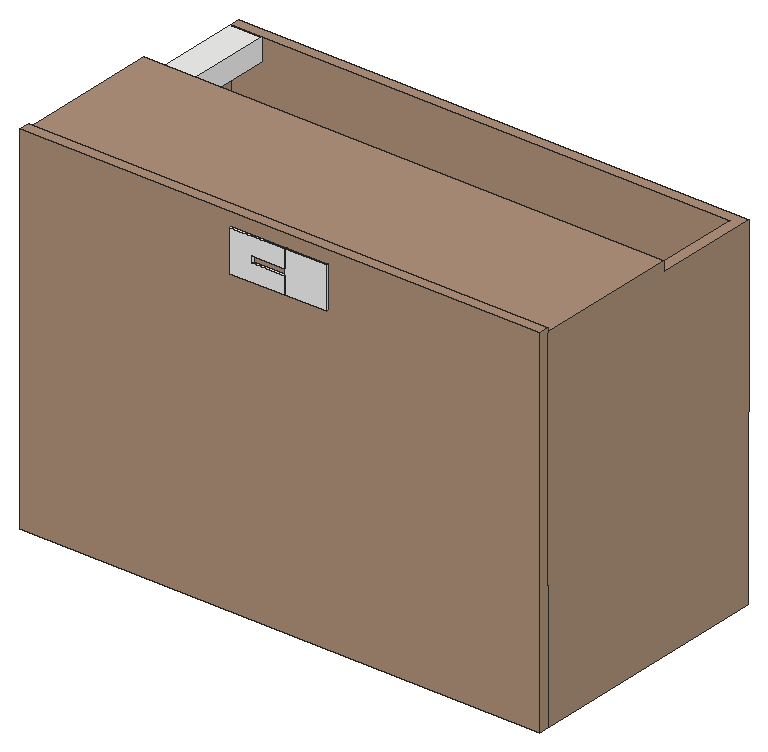
Revit family "Storage-Multi_Level_Workstations-Teknion-BSSM_Multi-Functional-R2018", category Furniture, Revit 2018
Family settings
  OmniClass Number = 23.40.20.00
  OmniClass Title = General Furniture and Specialties
  Work Plane-Based = No
  Always vertical = Yes
  Cut with Voids When Loaded = No
  Shared = Yes
  Room Calculation Point = No
Parameters (values of type "Center Position, High Secondary Desk")
  Width [instance] = 36.000"
  Warranty = "http://www.teknion.com/ca/papers/legal-canada"
  Unit Weight URL = "http://www.teknion.com/ca/tools/assets#&asset=bee6a381-b954-425e-8283-5a2de3a804f2,f828d448-4b62-4231-9e5f-9a8991c0ed77"
  URL = "www.teknion.com"
  Sustainability Data = "http://www.teknion.com/ca/tools/assets#&topic=216f99a5-57a0-44fc-b10a-9dee9b29ae4c&asset=444deb64-fe58-4b68-981e-f75e97781df7"
  Side Door and Case Finish [instance] = Source Laminate - Teknion - 3M - Provincial Oak (Cross Grain)
  Series = "Expansion Casegoods"  # constant formula
  Secondary Desk Depth [instance] = 20.000"
  Product Page URL = "http://www.teknion.com/ca/products/product-details?productlineid=0053336e-8e7a-673b-a6c8-ff00004460c4"
  Product Line = "Expansion Casegoods"  # constant formula
  Product Documentation Link = "http://www.teknion.com/pricing/expansion-casegoods/pdfs/BSSM_ppg.pdf"
  Part Number = "BSSM"  # constant formula
  Opening Depth Offset [instance] = if(and(Secondary Desk Depth = 20.000", In Front of Height Adjustable Mechanism), 1.157", if(and(Secondary Desk Depth = 24.000", In Front of Height Adjustable Mechanism), 5.157", 7.323"))  # 7.323"
  End of 1 inch thick Secondary Desk = no
  End of 1 9/16 inch thick Secondary Desk = no
  End of 1 3/16 inch thick Secondary Desk = no
  Center = yes
  Available Widths [instance] = "24, 30, or 36 inches."  # constant formula
  Model = "BSSMCNH_____"
  Manufacturer Phone = "416-661-3370"  # constant formula
  Manufacturer Fax = "416.661.4586"  # constant formula
  Manufacturer Contact Information = "http://www.teknion.com/ca/contactus"
  Manufacturer Address = "1150 Flint Road, Toronto, ON. M3J 2J5. Canada"  # constant formula
  Manufacturer = "Teknion"  # constant formula
  In Front of Height Adjustable Mechanism = no
  Grommet Finish [instance] = Paint - Teknion - Mica - Very White
  Front Finish [instance] = Source Laminate - Teknion - 3M - Provincial Oak
  Description = "Multi-Functional Storage for Secondary Desk, Center Position, High Secondary Desk"
  Available Secondary Desk Depths [instance] = "20 or 24 inches."  # constant formula
  Assembly Code = "E2020200"
  Actual Width [instance] = if(and(Width = 24.000", Center), 23.880", if(and(Width = 30.000", Center), 29.850", if(and(Width = 36.000", Center), 35.820", if(and(Width = 24.000", or(End of 1 inch thick Secondary Desk, [End of 1 3/16 inch thick Secondary Desk])), 22.745", if(and(Width = 30.000", or(End of 1 inch thick Secondary Desk, [End of 1 3/16 inch thick Secondary Desk])), 28.715", if(and(Width = 36.000", or(End of 1 inch thick Secondary Desk, [End of 1 3/16 inch thick Secondary Desk])), 34.685", if(and(Width = 24.000", [End of 1 9/16 inch thick Secondary Desk]), 22.206", if(and(Width = 30.000", [End of 1 9/16 inch thick Secondary Desk]), 28.176", 34.146"))))))))  # 35.820"
  Actual Depth [instance] = if(and(Secondary Desk Depth = 20.000", In Front of Height Adjustable Mechanism), 11.835", if(and(Secondary Desk Depth = 24.000", In Front of Height Adjustable Mechanism), 15.835", 18.000"))  # 18.000"
Types (9): name | Opening Depth Offset | End of 1 inch thick Secondary Desk | End of 1 9/16 inch thick Secondary Desk | End of 1 3/16 inch thick Secondary Desk | Center | Model | In Front of Height Adjustable Mechanism | Description | Actual Width | Actual Depth
  (no name) | 7.323" | no | no | no | yes | "BSSMCNH_____" | no | "Multi-Functional Storage for Secondary Desk, Center Position, High Secondary Desk" | 35.820" | 18.000"
  Center Position, In Front of Height Adjustable Mechanism, High Secondary Desk | 1.157" | no | no | no | yes | "BSSMCYH_____" | yes | "Multi-Functional Storage for Secondary Desk, Center Position, In Front of Height Adjustable Mechanism, High Secondary Desk" | 35.820" | 11.835"
  End – 1" thick Secondary Desk, In Front of Height Adjustable Mechanism, High Secondary Desk | 1.157" | yes | no | no | no | "BSSMDYH_____" | yes | "Multi-Functional Storage for Secondary Desk, End – 1\" thick Secondary Desk, In Front of Height Adjustable Mechanism, High Secondary Desk" | 34.685" | 11.835"
  End – 1 3/16" thick Secondary Desk, In Front of Height Adjustable Mechanism, High Secondary Desk | 1.157" | no | no | yes | no | "BSSMMYH_____" | yes | "Multi-Functional Storage for Secondary Desk, End – 1 3/16\" thick Secondary Desk, In Front of Height Adjustable Mechanism, High Secondary Desk" | 34.685" | 11.835"
  End – 1 9/16" thick Secondary Desk, In Front of Height Adjustable Mechanism, High Secondary Desk | 1.157" | no | yes | no | no | "BSSMXYH_____" | yes | "Multi-Functional Storage for Secondary Desk, End – 1 9/16\" thick Secondary Desk, In Front of Height Adjustable Mechanism, High Secondary Desk" | 34.146" | 11.835"
  Center Position, High Secondary Desk | 7.323" | no | no | no | yes | "BSSMCNH_____" | no | "Multi-Functional Storage for Secondary Desk, Center Position, High Secondary Desk" | 35.820" | 18.000"
  End – 1 3/16" thick Secondary Desk, High Secondary Desk | 7.323" | no | no | yes | no | "BSSMMNH_____" | no | "Multi-Functional Storage for Secondary Desk, End – 1 3/16\" thick Secondary Desk, High Secondary Desk" | 34.685" | 18.000"
  End – 1 9/16" thick Secondary Desk, High Secondary Desk | 7.323" | no | yes | no | no | "BSSMXNH_____" | no | "Multi-Functional Storage for Secondary Desk, End – 1 9/16\" thick Secondary Desk, High Secondary Desk" | 34.146" | 18.000"
  End – 1" thick Secondary Desk, High Secondary Desk | 7.323" | yes | no | no | no | "BSSMDNH_____" | no | "Multi-Functional Storage for Secondary Desk, End – 1\" thick Secondary Desk, High Secondary Desk" | 34.685" | 18.000"
Reference planes (in)
  plane 1 "Center Front/Back": y = -0.3505
  plane 2: z = 0
  plane 3 "Center Left/Right": x = -0.35039
  plane 4 "Left": x = -18.26039
  plane 5 "Right": x = 17.55961
  plane 6 "Back": y = 8.6495
  plane 7 "Front": y = -8.6495
  plane 8 "Top": z = 25.07087
  plane 9: y = -9.3505
  plane 10: y = 1.3265
  plane 11: z = 24.37008
  plane 12: z = 0.60236
  plane 13: z = 2.49213
  plane 14: x = -15.4415
  plane 15: y = 7.94875
  plane 16: x = -17.55961
  plane 17: z = 22.87008
  plane 18: x = 16.85882
Forms (in)
  Extrusion 1, solid, material "Source Laminate - Teknion - 3M - Provincial Oak (Cross Grain)" <- "Side Door and Case Finish"
    sketch origin (-0.35039, 0, 0) x (0, 1, 0) y (0, 0, 1)
      loop
        line (-8.6495, 25.07087) -> (-8.6495, 0.60236) -> (8.6495, 0.60236) -> (8.6495, 24.37008) -> (1.3265, 24.37008) -> (1.3265, 25.07087) -> (-8.6495, 25.07087)
    from -17.91 to 17.91
  Extrusion 2, void
    sketch origin (0, 0, 25.07087) x (-1, 0, 0) y (0, -1, 0)
      loop
        line (17.55961, -7.94875) -> (17.55961, 8.6495) -> (-16.85882, 8.6495) -> (-16.85882, -7.94875) -> (17.55961, -7.94875)
    from -22.57874 to -0.70079
  Extrusion 3, void
    sketch origin (0, -0.3505, 0) x (1, 0, 0) y (0, 0, 1)
      loop
        line (-17.55961, 22.03543) -> (-17.55961, 24.37008) -> (-18.26039, 24.37008) -> (-18.26039, 22.03543) -> (-17.55961, 22.03543)
    from 8.299 to -9
  Extrusion 4, solid, material "Source Laminate - Teknion - 3M - Provincial Oak" <- "Front Finish"
    sketch origin (0, -8.6495, 0) x (-1, 0, 0) y (0, 0, -1)
      loop
        line (18.26039, -25.29921) -> (18.26039, -0.60236) -> (-17.55961, -0.60236) -> (-17.55961, -25.29921) -> (18.26039, -25.29921)
    from 0 to 0.701
  Extrusion 5, solid, material "Paint - Teknion - Mica - Very White" <- "Grommet Finish"
    sketch origin (0, 0, 25.07087) x (-1, 0, 0) y (0, -1, 0)
      loop
        line (17.55961, 8.6495) -> (15.4415, 8.6495) -> (15.4415, -7.94875) -> (17.55961, -7.94875) -> (17.55961, 8.6495)
    from -2.20079 to -0.70079
  Extrusion 6, solid, material "Plastic - Teknion - E - Ebony"
    sketch origin (0, 0, 0) x (1, 0, 0) y (0, 1, 0)
      loop
        circle (-16.99789, 8.01341) r 0.5
    from 0 to 0.60236
  Extrusion 7, solid, material "Plastic - Teknion - E - Ebony"
    sketch origin (-0.70079, 0, 0) x (-1, 0, 0) y (0, -1, 0)
      loop
        circle (-16.99789, -8.01341) r 0.5
    from 0 to 0.60236
  Extrusion 8, solid, material "Plastic - Teknion - E - Ebony"
    sketch origin (0, 2.65358, 0) x (1, 0, 0) y (0, 1, 0)
      loop
        circle (-16.99789, -10.66503) r 0.5
    from 0 to 0.60236
  Extrusion 9, solid, material "Plastic - Teknion - E - Ebony"
    sketch origin (-0.70079, 2.65358, 0) x (-1, 0, 0) y (0, -1, 0)
      loop
        circle (-16.99789, 10.66503) r 0.5
    from 0 to 0.60236
  Extrusion 10, solid, material "Paint - Teknion - Mica - Very White" <- "Grommet Finish"
    sketch origin (0, -8.6495, 0) x (-1, 0, 0) y (0, 0, -1)
      loop
        line (3.67755, -24.4181) -> (3.67755, -21.57403) -> (-0.12854, -21.57403) -> (-0.12854, -22.78339) -> (2.15007, -22.78339) -> (2.15007, -23.20874) -> (-0.12854, -23.20874) -> (-0.12854, -24.4181) -> (3.67755, -24.4181)
    from 0.701 to 0.85748
  Extrusion 11, solid, material "Paint - Teknion - Mica - Very White" <- "Grommet Finish"
    sketch origin (0, -8.6495, 0) x (-1, 0, 0) y (0, 0, -1)
      loop
        line (-2.97676, -21.57403) -> (-2.97676, -24.4181) -> (-0.12854, -24.4181) -> (-0.12854, -21.57403) -> (-2.97676, -21.57403)
    from 0.701 to 0.85748
  Extrusion 12, solid, material "Plastic - Teknion - E - Ebony"
    sketch origin (0, 8.6495, 0) x (-1, 0, 0) y (0, 0, 1)
      loop
        line (8.75512, 5.67264) -> (-8.05433, 5.67264)
        arc (-8.05433, 5.67264) -> (-8.43071, 5.51674) -> (-8.58661, 5.14035) r 0.53228
        line (-8.58661, 5.14035) -> (-8.58661, 3.83602)
        arc (-8.58661, 3.83602) -> (-8.43071, 3.45964) -> (-8.05433, 3.30374) r 0.53228
        line (-8.05433, 3.30374) -> (8.75512, 3.30374)
        arc (8.75512, 3.30374) -> (9.1315, 3.45964) -> (9.2874, 3.83602) r 0.53228
        line (9.2874, 3.83602) -> (9.2874, 5.14035)
        arc (9.2874, 5.14035) -> (9.1315, 5.51674) -> (8.75512, 5.67264) r 0.53228
      loop
        arc (-8.05433, 5.23563) -> (-8.1217, 5.20772) -> (-8.14961, 5.14035) r 0.09528
        line (-8.14961, 5.14035) -> (-8.14961, 3.83602)
        arc (-8.14961, 3.83602) -> (-8.1217, 3.76865) -> (-8.05433, 3.74075) r 0.09528
        line (-8.05433, 3.74075) -> (8.75512, 3.74075)
        arc (8.75512, 3.74075) -> (8.82249, 3.76865) -> (8.85039, 3.83602) r 0.09528
        line (8.85039, 3.83602) -> (8.85039, 5.14035)
        arc (8.85039, 5.14035) -> (8.82249, 5.20772) -> (8.75512, 5.23563) r 0.09528
        line (8.75512, 5.23563) -> (-8.05433, 5.23563)
    from 0 to 0.11811
Cuts and joins
  Extrusion 2, Extrusion 3 cuts Extrusion 1
Lines and regions (in)
  Masking region 1
    outline origin (0, 0, 25.07087) x (-1, 0, 0) y (0, -1, 0)
      loop
        line (18.26039, -8.6495) -> (18.26039, 9.3505) -> (-17.55961, 9.3505) -> (-17.55961, -8.6495) -> (18.26039, -8.6495)
  Masking region 2
    outline origin (0, 0, 25.07087) x (-1, 0, 0) y (0, -1, 0)
      loop
        line (-8.58661, -8.76761) -> (9.2874, -8.76761) -> (9.2874, -8.6495) -> (-8.58661, -8.6495) -> (-8.58661, -8.76761)
  Masking region 3
    outline origin (0, 0, 25.07087) x (-1, 0, 0) y (0, -1, 0)
      loop
        line (4.51729, 9.3505) -> (4.51729, 9.50698) -> (-4.82245, 9.50698) -> (-4.82245, 9.3505) -> (4.51729, 9.3505)
  symbolic lines, style "FurnitureHiddenLines", detail levels medium+fine
    curve 1: line (-17.55961, 1.3265, 25.07087) -> (-17.55961, -8.6495, 25.07087)
    curve 2: line (-15.4415, -8.6495, 25.07087) -> (-15.4415, 1.3265, 25.07087)
    curve 4: line (16.85882, -8.6495, 25.07087) -> (16.85882, 1.3265, 25.07087)
  symbolic lines
    curve 3: line (17.55961, 1.3265, 25.07087) -> (-18.26039, 1.3265, 25.07087)
    curve 5: line (16.85882, 1.3265, 25.07087) -> (16.85882, 7.94875, 25.07087)
    curve 6: line (16.85882, 7.94875, 25.07087) -> (-17.55961, 7.94875, 25.07087)
    curve 7: line (-17.55961, 7.94875, 25.07087) -> (-17.55961, 1.3265, 25.07087)
    curve 8: line (-15.4415, 1.3265, 25.07087) -> (-15.4415, 7.94875, 25.07087)
  symbolic lines, detail levels medium+fine
    curve 9: line (17.55961, -8.6495, 25.07087) -> (-18.26039, -8.6495, 25.07087)
  symbolic lines, style "FurnitureHiddenLines", detail levels fine
    curve 10: arc (-16.49789, 8.01341, 25.07087) -> (-16.99789, 8.51341, 25.07087) -> (-17.49789, 8.01341, 25.07087) r 0.5
    curve 11: arc (-17.49789, 8.01341, 25.07087) -> (-16.99789, 7.51341, 25.07087) -> (-16.49789, 8.01341, 25.07087) r 0.5
    curve 12: arc (15.7971, 8.01341, 25.07087) -> (16.2971, 7.51341, 25.07087) -> (16.7971, 8.01341, 25.07087) r 0.5
    curve 13: arc (16.7971, 8.01341, 25.07087) -> (16.2971, 8.51341, 25.07087) -> (15.7971, 8.01341, 25.07087) r 0.5
    curve 14: arc (16.7971, -8.01145, 25.07087) -> (16.2971, -7.51145, 25.07087) -> (15.7971, -8.01145, 25.07087) r 0.5
    curve 15: arc (15.7971, -8.01145, 25.07087) -> (16.2971, -8.51145, 25.07087) -> (16.7971, -8.01145, 25.07087) r 0.5
    curve 16: arc (-16.49789, -8.01145, 25.07087) -> (-16.99789, -7.51145, 25.07087) -> (-17.49789, -8.01145, 25.07087) r 0.5
    curve 17: arc (-17.49789, -8.01145, 25.07087) -> (-16.99789, -8.51145, 25.07087) -> (-16.49789, -8.01145, 25.07087) r 0.5
  symbolic lines, style "FurnitureHiddenLines"
    curve 18: line (-0.35039, -8.6495, 22.03543) -> (-0.35039, 8.6495, 12.48622)
    curve 19: line (-0.35039, 8.6495, 12.48622) -> (-0.35039, -8.6495, 0.60236)
Dimensions and locks (in)
  equal spacing: plane 4 "Left", plane 3 "Center Left/Right", plane 5 "Right"
  equal spacing: plane 6 "Back", plane 1 "Center Front/Back", plane 9
  plane 8 "Top" to level = 25.07087"
  locked: plane 9 to plane 7 "Front" at 0.701
  locked: plane 11 to plane 8 "Top" at 0.70079
  locked: plane 12 to plane 2 at 0.60236
  locked: plane 13 to plane 2 at 2.49213
  locked: Extrusion 3 sketch curve to plane 11 at 2.33465
  locked: plane 4 "Left" to plane 14 at 2.8189
  locked: plane 6 "Back" to plane 15 at 0.70075
  locked: Extrusion 3 sketch curve to plane 4 "Left" at 0.70079
  locked: Extrusion 4 sketch curve to plane 8 "Top" at 0.22835
  locked: plane 4 "Left" to plane 16 at 0.70079
  locked: plane 17 to plane 11 at 1.5
  locked: plane 4 "Left" to Extrusion 6 sketch curve at 1.26251
  locked: plane 6 "Back" to Extrusion 6 sketch curve at 0.63609
  locked: plane 6 "Back" to Extrusion 7 sketch curve at 0.63609
  locked: Extrusion 7 sketch curve to plane 5 "Right" at 1.26251
  locked: plane 7 "Front" to Extrusion 8 sketch curve at 0.63805
  locked: plane 4 "Left" to Extrusion 8 sketch curve at 1.26251
  locked: Extrusion 9 sketch curve to plane 5 "Right" at 1.26251
  locked: plane 7 "Front" to Extrusion 9 sketch curve at 0.63805
  plane 8 "Top" to Extrusion 10 sketch curve to Extrusion 10 sketch curve to Extrusion 10 sketch curve to Extrusion 10 sketch curve = 0.65277" locked, 1.20936" locked, 0.42535" locked, 1.20936" locked
  Extrusion 10 sketch curve to Extrusion 10 sketch curve to plane 3 "Center Left/Right" to Extrusion 10 sketch curve to Extrusion 10 sketch curve = 0.000" locked, 0.47893" locked, 1.79967" locked, 1.52748" locked
  locked: Extrusion 10 to plane 9 at 0.15648
  Extrusion 11 sketch curve to Extrusion 11 sketch curve to plane 3 "Center Left/Right" = 2.84823" locked, 0.47893" locked
  plane 8 "Top" to Extrusion 11 sketch curve to Extrusion 11 sketch curve = 0.65277" locked, 2.84406" locked
  locked: Extrusion 11 to plane 9 at 0.15648
  plane 3 "Center Left/Right" to Extrusion 12 sketch curve to Extrusion 12 sketch curve to Extrusion 12 sketch curve to Extrusion 12 sketch curve to Extrusion 12 sketch curve to Extrusion 12 sketch curve = 8.40472" locked, 0.000" locked, 0.000" locked, 0.000" locked, 0.09528" locked, 0.43701" locked  (x2)
  plane 13 to Extrusion 12 sketch curve to Extrusion 12 sketch curve to Extrusion 12 sketch curve to Extrusion 12 sketch curve = 0.81161" locked, 0.43701" locked, 1.49488" locked, 0.43701" locked
  locked: Extrusion 12 to plane 6 "Back" at 0.11811
  "Actual Width": plane 4 "Left" to plane 5 "Right"
  Masking region 2 sketch curve to plane 3 "Center Left/Right" to Masking region 2 sketch curve = 8.93701" locked, 8.93701" locked
  locked: plane 18 to plane 5 "Right" at 0.70079
  "Opening Depth Offset": plane 10 to plane 6 "Back"
  "Actual Depth": plane 9 to plane 6 "Back"
  aligned and locked: level to plane 2
  aligned and locked: Extrusion 1 sketch curve to plane 8 "Top"
  aligned and locked: Extrusion 1 sketch curve to plane 6 "Back"
  aligned and locked: Extrusion 1 sketch curve to plane 11
  aligned and locked: Extrusion 1 sketch curve to plane 10
  aligned and locked: plane 7 "Front" to Extrusion 1 sketch curve
  aligned and locked: plane 12 to Extrusion 1 sketch curve
  aligned and locked: Extrusion 1 to plane 4 "Left"
  aligned and locked: Extrusion 1 to plane 5 "Right"
  aligned and locked: Extrusion 2 to plane 11
  aligned and locked: Extrusion 3 sketch curve to plane 11
  aligned and locked: plane 7 "Front" to Extrusion 3
  aligned and locked: Extrusion 3 sketch curve to plane 4 "Left"
  aligned and locked: plane 6 "Back" to cut or joined group of Extrusion 1, Extrusion 2, Extrusion 3
  aligned and locked: Extrusion 4 sketch curve to plane 4 "Left"
  aligned and locked: Extrusion 4 sketch curve to plane 5 "Right"
  aligned and locked: Extrusion 4 to plane 7 "Front"
  aligned and locked: Extrusion 4 to plane 9
  aligned and locked: Extrusion 5 sketch curve to plane 7 "Front"
  aligned and locked: Extrusion 5 sketch curve to plane 14
  aligned and locked: Extrusion 5 sketch curve to plane 16
  aligned and locked: Extrusion 5 sketch curve to plane 15
  aligned and locked: plane 17 to Extrusion 5
  aligned and locked: Extrusion 5 to plane 11
  aligned and locked: Extrusion 4 sketch curve to plane 12
  aligned and locked: Extrusion 6 to plane 12
  aligned and locked: Extrusion 6 to plane 2
  aligned and locked: Extrusion 7 to plane 12
  aligned and locked: Extrusion 7 to plane 2
  aligned and locked: Extrusion 8 to plane 12
  aligned and locked: Extrusion 9 to plane 12
  aligned and locked: Extrusion 8 to plane 2
  aligned and locked: Extrusion 9 to plane 2
  aligned and locked: Extrusion 10 to plane 9
  aligned and locked: plane 9 to Extrusion 10
  aligned and locked: Extrusion 11 to plane 9
  aligned and locked: Extrusion 12 to plane 6 "Back"
  aligned and locked: Masking region 1 sketch curve to plane 4 "Left"
  aligned and locked: Masking region 1 sketch curve to plane 6 "Back"
  aligned and locked: plane 5 "Right" to Masking region 1 sketch curve
  aligned and locked: Masking region 1 sketch curve to plane 9
  aligned and locked: Masking region 2 sketch curve to Extrusion 12
  aligned and locked: Masking region 2 sketch curve to plane 6 "Back"
  aligned and locked: Extrusion 2 sketch curve to plane 15
  aligned and locked: plane 16 to Extrusion 2 sketch curve
  aligned and locked: plane 18 to Extrusion 2 sketch curve
  aligned and locked: Extrusion 2 sketch curve to plane 7 "Front"
  aligned and locked: curve 4 to cut or joined group of Extrusion 1, Extrusion 2, Extrusion 3
  aligned and locked: cut or joined group of Extrusion 1, Extrusion 2, Extrusion 3 to curve 5
  aligned and locked: curve 6 to cut or joined group of Extrusion 1, Extrusion 2, Extrusion 3
  aligned and locked: curve 10 to Extrusion 6
  aligned and locked: curve 11 to Extrusion 6
  aligned and locked: curve 12 to Extrusion 7
  aligned and locked: curve 13 to Extrusion 7
  aligned and locked: curve 14 to Extrusion 9
  aligned and locked: curve 15 to Extrusion 9
  aligned and locked: curve 16 to Extrusion 8
  aligned and locked: curve 17 to Extrusion 8
  aligned and locked: Masking region 3 sketch curve to plane 9
  aligned and locked: curve 7 to plane 16
  aligned and locked: curve 1 to plane 16
  aligned and locked: cut or joined group of Extrusion 1, Extrusion 2, Extrusion 3 to curve 18
  aligned and locked: curve 19 to Extrusion 4
  aligned and locked: plane 12 to curve 19
  aligned and locked: plane 4 "Left" to nested 1
  aligned and locked: nested 1 to plane 6 "Back"
  aligned and locked: nested 1 to plane 7 "Front"
Automatic sketch dimensions
  curve 3 to plane 5 "Right" = 0.000"
  curve 3 to plane 4 "Left" = 0.000"
  curve 9 to plane 5 "Right" = 0.000"
  curve 9 to plane 4 "Left" = 0.000"
  curve 2 to plane 7 "Front" = 0.000"
  curve 2 to plane 14 = 0.000"
  curve 8 to plane 14 = 0.000"
  plane 10 to curve 7 = 0.000"
  plane 9 to Masking region 3 sketch curve = 0.15648"
  Masking region 3 sketch curve to plane 3 "Center Left/Right" = 4.1669"
  plane 3 "Center Left/Right" to Masking region 3 sketch curve = 5.17284"
  curve 19 to plane 13 = 9.99409"
  radius of Extrusion 6 sketch curve = 0.500"
  radius of Extrusion 7 sketch curve = 0.500"
  radius of Extrusion 8 sketch curve = 0.500"
  radius of Extrusion 9 sketch curve = 0.500"
Nested families (in)
  nested 1: "Door-Swing_Symbol-Teknion-2D" at (-18.26039, 0, 66.075) x (0, 1, 0) z (0, 0, 1), type "Door-Swing_Symbol-Teknion-2D", detail levels fine
    with Swing Width 17.299", Door Thickness 0.701"
Definition of nested family "Door-Swing_Symbol-Teknion-2D"
  Parameters (values of type "Standard")
    Swing Width [instance] = 26.000"
    Door Thickness [instance] = 2.000"
    Assembly Code = ""
  Reference planes (in)
    plane 1 "Center (Front/Back)": y = 0
    plane 2: z = 0
    plane 3 "Center (Left/Right)": x = 0
    plane 4: x = -13
    plane 5: x = 13
  Lines and regions (in)
    Masking region 1, in view "Ref. Level"
      outline origin (0, 0, 0) x (1, 0, 0) y (0, 1, 0)
        loop
          line (11, 0) -> (11, -26) -> (13, -26) -> (13, 0) -> (11, 0)
    detail lines, in view "Ref. Level"
      curve 1: line (13, 0, 0) -> (13, -26, 0)
      curve 2: arc (-13, 0, 0) -> (-5.38478, -18.38478, 0) -> (13, -26, 0) r 26
  Dimensions and locks (in)
    equal spacing: plane 4, plane 3 "Center (Left/Right)", plane 5
    "Swing Width": plane 4 to plane 5
    "Swing Width": curve 1 to plane 1 "Center (Front/Back)"
    "Swing Width": Masking region 1 sketch curve to Masking region 1 sketch curve
    "Door Thickness": Masking region 1 sketch curve to Masking region 1 sketch curve
    "Swing Width": radius of curve 2
    aligned and locked: plane 1 "Center (Front/Back)" to curve 1
    aligned and locked: plane 1 "Center (Front/Back)" to Masking region 1 sketch curve
    aligned and locked: Masking region 1 sketch curve to plane 5
  Automatic sketch dimensions
    curve 2 to plane 4 = 0.000"
